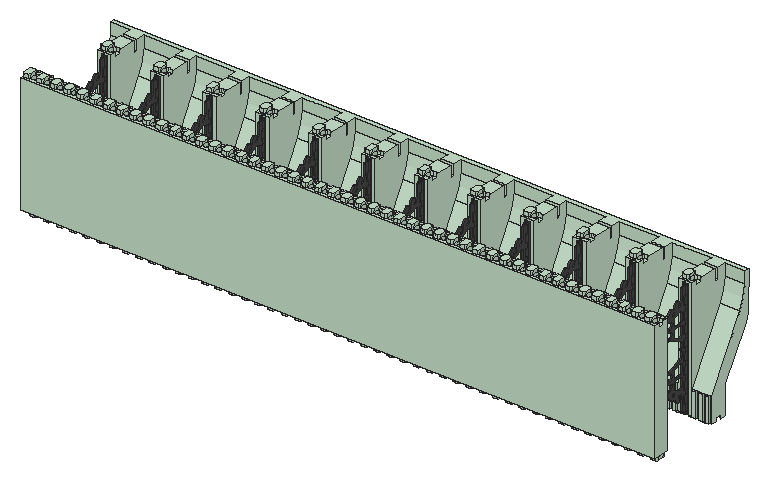
Revit family (continued)
Forms (mm)
  Extrusion 114, void
    sketch origin (2184.4, -0.033, 0) x (1, 0, 0) y (0, 1, 0)
      loop
        arc (25.4, 101.014) -> (26.615, 97.278) -> (29.796, 94.972) r 6.35
        arc (29.796, 94.972) -> (36.091, 93.737) -> (42.5, 94.024) r 26.988
        arc (42.5, 94.024) -> (43.786, 93.668) -> (44.346, 92.457) r 1.587
        line (44.346, 92.457) -> (44.346, 86.829) -> (48.685, 86.829) -> (48.685, 95.62)
        arc (48.685, 95.62) -> (48.795, 96.199) -> (49.108, 96.698) r 1.588
        arc (49.108, 96.698) -> (50.362, 98.696) -> (50.8, 101.014) r 6.35
        line (50.8, 101.014) -> (50.8, 124.411)
        arc (50.8, 124.411) -> (49.585, 128.147) -> (46.404, 130.453) r 6.35
        arc (46.404, 130.453) -> (38.1, 131.763) -> (29.796, 130.453) r 26.987
        arc (29.796, 130.453) -> (26.615, 128.147) -> (25.4, 124.411) r 6.35
    from 0 to 12.7
  Extrusion 115, void
    sketch origin (2133.6, -0.033, 0) x (1, 0, 0) y (0, 1, 0)
      loop
        line (25.4, 124.411) -> (25.4, 101.014)
        arc (25.4, 101.014) -> (26.615, 97.278) -> (29.796, 94.972) r 6.35
        arc (29.796, 94.972) -> (36.091, 93.737) -> (42.5, 94.024) r 26.988
        arc (42.5, 94.024) -> (43.786, 93.668) -> (44.346, 92.457) r 1.587
        line (44.346, 92.457) -> (44.346, 86.829) -> (48.685, 86.829) -> (48.685, 95.62)
        arc (48.685, 95.62) -> (48.795, 96.199) -> (49.108, 96.698) r 1.588
        arc (49.108, 96.698) -> (50.362, 98.696) -> (50.8, 101.014) r 6.35
        line (50.8, 101.014) -> (50.8, 124.411)
        arc (50.8, 124.411) -> (49.585, 128.147) -> (46.404, 130.453) r 6.35
        arc (46.404, 130.453) -> (38.1, 131.763) -> (29.796, 130.453) r 26.987
        arc (29.796, 130.453) -> (26.615, 128.147) -> (25.4, 124.411) r 6.35
    from 0 to 12.7
  Extrusion 116, void
    sketch origin (2082.8, -0.033, 0) x (1, 0, 0) y (0, 1, 0)
      loop
        line (25.4, 124.411) -> (25.4, 101.014)
        arc (25.4, 101.014) -> (26.615, 97.278) -> (29.796, 94.972) r 6.35
        arc (29.796, 94.972) -> (36.091, 93.737) -> (42.5, 94.024) r 26.988
        arc (42.5, 94.024) -> (43.786, 93.668) -> (44.346, 92.457) r 1.587
        line (44.346, 92.457) -> (44.346, 86.829) -> (48.685, 86.829) -> (48.685, 95.62)
        arc (48.685, 95.62) -> (48.795, 96.199) -> (49.108, 96.698) r 1.588
        arc (49.108, 96.698) -> (50.362, 98.696) -> (50.8, 101.014) r 6.35
        line (50.8, 101.014) -> (50.8, 124.411)
        arc (50.8, 124.411) -> (49.585, 128.147) -> (46.404, 130.453) r 6.35
        arc (46.404, 130.453) -> (38.1, 131.763) -> (29.796, 130.453) r 26.987
        arc (29.796, 130.453) -> (26.615, 128.147) -> (25.4, 124.411) r 6.35
    from 0 to 12.7
  Extrusion 117, void
    sketch origin (2032, -0.033, 0) x (1, 0, 0) y (0, 1, 0)
      loop
        line (25.4, 124.411) -> (25.4, 101.014)
        arc (25.4, 101.014) -> (26.615, 97.278) -> (29.796, 94.972) r 6.35
        arc (29.796, 94.972) -> (36.091, 93.737) -> (42.5, 94.024) r 26.988
        arc (42.5, 94.024) -> (43.786, 93.668) -> (44.346, 92.457) r 1.587
        line (44.346, 92.457) -> (44.346, 86.829) -> (48.685, 86.829) -> (48.685, 95.62)
        arc (48.685, 95.62) -> (48.795, 96.199) -> (49.108, 96.698) r 1.588
        arc (49.108, 96.698) -> (50.362, 98.696) -> (50.8, 101.014) r 6.35
        line (50.8, 101.014) -> (50.8, 124.411)
        arc (50.8, 124.411) -> (49.585, 128.147) -> (46.404, 130.453) r 6.35
        arc (46.404, 130.453) -> (38.1, 131.763) -> (29.796, 130.453) r 26.987
        arc (29.796, 130.453) -> (26.615, 128.147) -> (25.4, 124.411) r 6.35
    from 0 to 12.7
  Extrusion 118, void
    sketch origin (1981.2, -0.033, 0) x (1, 0, 0) y (0, 1, 0)
      loop
        line (25.4, 124.411) -> (25.4, 101.014)
        arc (25.4, 101.014) -> (26.615, 97.278) -> (29.796, 94.972) r 6.35
        arc (29.796, 94.972) -> (36.091, 93.737) -> (42.5, 94.024) r 26.988
        arc (42.5, 94.024) -> (43.786, 93.668) -> (44.346, 92.457) r 1.587
        line (44.346, 92.457) -> (44.346, 86.829) -> (48.685, 86.829) -> (48.685, 95.62)
        arc (48.685, 95.62) -> (48.795, 96.199) -> (49.108, 96.698) r 1.588
        arc (49.108, 96.698) -> (50.362, 98.696) -> (50.8, 101.014) r 6.35
        line (50.8, 101.014) -> (50.8, 124.411)
        arc (50.8, 124.411) -> (49.585, 128.147) -> (46.404, 130.453) r 6.35
        arc (46.404, 130.453) -> (38.1, 131.763) -> (29.796, 130.453) r 26.987
        arc (29.796, 130.453) -> (26.615, 128.147) -> (25.4, 124.411) r 6.35
    from 0 to 12.7
  Extrusion 119, void
    sketch origin (1930.4, -0.033, 0) x (1, 0, 0) y (0, 1, 0)
      loop
        line (25.4, 124.411) -> (25.4, 101.014)
        arc (25.4, 101.014) -> (26.615, 97.278) -> (29.796, 94.972) r 6.35
        arc (29.796, 94.972) -> (36.091, 93.737) -> (42.5, 94.024) r 26.988
        arc (42.5, 94.024) -> (43.786, 93.668) -> (44.346, 92.457) r 1.587
        line (44.346, 92.457) -> (44.346, 86.829) -> (48.685, 86.829) -> (48.685, 95.62)
        arc (48.685, 95.62) -> (48.795, 96.199) -> (49.108, 96.698) r 1.588
        arc (49.108, 96.698) -> (50.362, 98.696) -> (50.8, 101.014) r 6.35
        line (50.8, 101.014) -> (50.8, 124.411)
        arc (50.8, 124.411) -> (49.585, 128.147) -> (46.404, 130.453) r 6.35
        arc (46.404, 130.453) -> (38.1, 131.763) -> (29.796, 130.453) r 26.987
        arc (29.796, 130.453) -> (26.615, 128.147) -> (25.4, 124.411) r 6.35
    from 0 to 12.7
  Extrusion 120, void
    sketch origin (1879.6, -0.033, 0) x (1, 0, 0) y (0, 1, 0)
      loop
        line (25.4, 124.411) -> (25.4, 101.014)
        arc (25.4, 101.014) -> (26.615, 97.278) -> (29.796, 94.972) r 6.35
        arc (29.796, 94.972) -> (36.091, 93.737) -> (42.5, 94.024) r 26.988
        arc (42.5, 94.024) -> (43.786, 93.668) -> (44.346, 92.457) r 1.587
        line (44.346, 92.457) -> (44.346, 86.829) -> (48.685, 86.829) -> (48.685, 95.62)
        arc (48.685, 95.62) -> (48.795, 96.199) -> (49.108, 96.698) r 1.588
        arc (49.108, 96.698) -> (50.362, 98.696) -> (50.8, 101.014) r 6.35
        line (50.8, 101.014) -> (50.8, 124.411)
        arc (50.8, 124.411) -> (49.585, 128.147) -> (46.404, 130.453) r 6.35
        arc (46.404, 130.453) -> (38.1, 131.763) -> (29.796, 130.453) r 26.987
        arc (29.796, 130.453) -> (26.615, 128.147) -> (25.4, 124.411) r 6.35
    from 0 to 12.7
  Extrusion 121, void
    sketch origin (1828.8, -0.033, 0) x (1, 0, 0) y (0, 1, 0)
      loop
        line (25.4, 124.411) -> (25.4, 101.014)
        arc (25.4, 101.014) -> (26.615, 97.278) -> (29.796, 94.972) r 6.35
        arc (29.796, 94.972) -> (36.091, 93.737) -> (42.5, 94.024) r 26.988
        arc (42.5, 94.024) -> (43.786, 93.668) -> (44.346, 92.457) r 1.587
        line (44.346, 92.457) -> (44.346, 86.829) -> (48.685, 86.829) -> (48.685, 95.62)
        arc (48.685, 95.62) -> (48.795, 96.199) -> (49.108, 96.698) r 1.588
        arc (49.108, 96.698) -> (50.362, 98.696) -> (50.8, 101.014) r 6.35
        line (50.8, 101.014) -> (50.8, 124.411)
        arc (50.8, 124.411) -> (49.585, 128.147) -> (46.404, 130.453) r 6.35
        arc (46.404, 130.453) -> (38.1, 131.763) -> (29.796, 130.453) r 26.987
        arc (29.796, 130.453) -> (26.615, 128.147) -> (25.4, 124.411) r 6.35
    from 0 to 12.7
  Extrusion 122, void
    sketch origin (1778, -0.033, 0) x (1, 0, 0) y (0, 1, 0)
      loop
        line (25.4, 124.411) -> (25.4, 101.014)
        arc (25.4, 101.014) -> (26.615, 97.278) -> (29.796, 94.972) r 6.35
        arc (29.796, 94.972) -> (36.091, 93.737) -> (42.5, 94.024) r 26.988
        arc (42.5, 94.024) -> (43.786, 93.668) -> (44.346, 92.457) r 1.587
        line (44.346, 92.457) -> (44.346, 86.829) -> (48.685, 86.829) -> (48.685, 95.62)
        arc (48.685, 95.62) -> (48.795, 96.199) -> (49.108, 96.698) r 1.588
        arc (49.108, 96.698) -> (50.362, 98.696) -> (50.8, 101.014) r 6.35
        line (50.8, 101.014) -> (50.8, 124.411)
        arc (50.8, 124.411) -> (49.585, 128.147) -> (46.404, 130.453) r 6.35
        arc (46.404, 130.453) -> (38.1, 131.763) -> (29.796, 130.453) r 26.987
        arc (29.796, 130.453) -> (26.615, 128.147) -> (25.4, 124.411) r 6.35
    from 0 to 12.7
  Extrusion 123, void
    sketch origin (1727.2, -0.033, 0) x (1, 0, 0) y (0, 1, 0)
      loop
        line (25.4, 124.411) -> (25.4, 101.014)
        arc (25.4, 101.014) -> (26.615, 97.278) -> (29.796, 94.972) r 6.35
        arc (29.796, 94.972) -> (36.091, 93.737) -> (42.5, 94.024) r 26.988
        arc (42.5, 94.024) -> (43.786, 93.668) -> (44.346, 92.457) r 1.587
        line (44.346, 92.457) -> (44.346, 86.829) -> (48.685, 86.829) -> (48.685, 95.62)
        arc (48.685, 95.62) -> (48.795, 96.199) -> (49.108, 96.698) r 1.588
        arc (49.108, 96.698) -> (50.362, 98.696) -> (50.8, 101.014) r 6.35
        line (50.8, 101.014) -> (50.8, 124.411)
        arc (50.8, 124.411) -> (49.585, 128.147) -> (46.404, 130.453) r 6.35
        arc (46.404, 130.453) -> (38.1, 131.763) -> (29.796, 130.453) r 26.987
        arc (29.796, 130.453) -> (26.615, 128.147) -> (25.4, 124.411) r 6.35
    from 0 to 12.7
  Extrusion 124, void
    sketch origin (1676.4, -0.033, 0) x (1, 0, 0) y (0, 1, 0)
      loop
        line (25.4, 124.411) -> (25.4, 101.014)
        arc (25.4, 101.014) -> (26.615, 97.278) -> (29.796, 94.972) r 6.35
        arc (29.796, 94.972) -> (36.091, 93.737) -> (42.5, 94.024) r 26.988
        arc (42.5, 94.024) -> (43.786, 93.668) -> (44.346, 92.457) r 1.587
        line (44.346, 92.457) -> (44.346, 86.829) -> (48.685, 86.829) -> (48.685, 95.62)
        arc (48.685, 95.62) -> (48.795, 96.199) -> (49.108, 96.698) r 1.588
        arc (49.108, 96.698) -> (50.362, 98.696) -> (50.8, 101.014) r 6.35
        line (50.8, 101.014) -> (50.8, 124.411)
        arc (50.8, 124.411) -> (49.585, 128.147) -> (46.404, 130.453) r 6.35
        arc (46.404, 130.453) -> (38.1, 131.763) -> (29.796, 130.453) r 26.987
        arc (29.796, 130.453) -> (26.615, 128.147) -> (25.4, 124.411) r 6.35
    from 0 to 12.7
  Extrusion 125, void
    sketch origin (1625.6, -0.033, 0) x (1, 0, 0) y (0, 1, 0)
      loop
        line (25.4, 124.411) -> (25.4, 101.014)
        arc (25.4, 101.014) -> (26.615, 97.278) -> (29.796, 94.972) r 6.35
        arc (29.796, 94.972) -> (36.091, 93.737) -> (42.5, 94.024) r 26.988
        arc (42.5, 94.024) -> (43.786, 93.668) -> (44.346, 92.457) r 1.587
        line (44.346, 92.457) -> (44.346, 86.829) -> (48.685, 86.829) -> (48.685, 95.62)
        arc (48.685, 95.62) -> (48.795, 96.199) -> (49.108, 96.698) r 1.588
        arc (49.108, 96.698) -> (50.362, 98.696) -> (50.8, 101.014) r 6.35
        line (50.8, 101.014) -> (50.8, 124.411)
        arc (50.8, 124.411) -> (49.585, 128.147) -> (46.404, 130.453) r 6.35
        arc (46.404, 130.453) -> (38.1, 131.763) -> (29.796, 130.453) r 26.987
        arc (29.796, 130.453) -> (26.615, 128.147) -> (25.4, 124.411) r 6.35
    from 0 to 12.7
  Extrusion 126, void
    sketch origin (1574.8, -0.033, 0) x (1, 0, 0) y (0, 1, 0)
      loop
        line (25.4, 124.411) -> (25.4, 101.014)
        arc (25.4, 101.014) -> (26.615, 97.278) -> (29.796, 94.972) r 6.35
        arc (29.796, 94.972) -> (36.091, 93.737) -> (42.5, 94.024) r 26.988
        arc (42.5, 94.024) -> (43.786, 93.668) -> (44.346, 92.457) r 1.587
        line (44.346, 92.457) -> (44.346, 86.829) -> (48.685, 86.829) -> (48.685, 95.62)
        arc (48.685, 95.62) -> (48.795, 96.199) -> (49.108, 96.698) r 1.588
        arc (49.108, 96.698) -> (50.362, 98.696) -> (50.8, 101.014) r 6.35
        line (50.8, 101.014) -> (50.8, 124.411)
        arc (50.8, 124.411) -> (49.585, 128.147) -> (46.404, 130.453) r 6.35
        arc (46.404, 130.453) -> (38.1, 131.763) -> (29.796, 130.453) r 26.987
        arc (29.796, 130.453) -> (26.615, 128.147) -> (25.4, 124.411) r 6.35
    from 0 to 12.7
  Extrusion 127, void
    sketch origin (1524, -0.033, 0) x (1, 0, 0) y (0, 1, 0)
      loop
        line (25.4, 124.411) -> (25.4, 101.014)
        arc (25.4, 101.014) -> (26.615, 97.278) -> (29.796, 94.972) r 6.35
        arc (29.796, 94.972) -> (36.091, 93.737) -> (42.5, 94.024) r 26.988
        arc (42.5, 94.024) -> (43.786, 93.668) -> (44.346, 92.457) r 1.587
        line (44.346, 92.457) -> (44.346, 86.829) -> (48.685, 86.829) -> (48.685, 95.62)
        arc (48.685, 95.62) -> (48.795, 96.199) -> (49.108, 96.698) r 1.588
        arc (49.108, 96.698) -> (50.362, 98.696) -> (50.8, 101.014) r 6.35
        line (50.8, 101.014) -> (50.8, 124.411)
        arc (50.8, 124.411) -> (49.585, 128.147) -> (46.404, 130.453) r 6.35
        arc (46.404, 130.453) -> (38.1, 131.763) -> (29.796, 130.453) r 26.987
        arc (29.796, 130.453) -> (26.615, 128.147) -> (25.4, 124.411) r 6.35
    from 0 to 12.7
  Extrusion 128, void
    sketch origin (1473.2, -0.033, 0) x (1, 0, 0) y (0, 1, 0)
      loop
        line (25.4, 124.411) -> (25.4, 101.014)
        arc (25.4, 101.014) -> (26.615, 97.278) -> (29.796, 94.972) r 6.35
        arc (29.796, 94.972) -> (36.091, 93.737) -> (42.5, 94.024) r 26.988
        arc (42.5, 94.024) -> (43.786, 93.668) -> (44.346, 92.457) r 1.587
        line (44.346, 92.457) -> (44.346, 86.829) -> (48.685, 86.829) -> (48.685, 95.62)
        arc (48.685, 95.62) -> (48.795, 96.199) -> (49.108, 96.698) r 1.588
        arc (49.108, 96.698) -> (50.362, 98.696) -> (50.8, 101.014) r 6.35
        line (50.8, 101.014) -> (50.8, 124.411)
        arc (50.8, 124.411) -> (49.585, 128.147) -> (46.404, 130.453) r 6.35
        arc (46.404, 130.453) -> (38.1, 131.763) -> (29.796, 130.453) r 26.987
        arc (29.796, 130.453) -> (26.615, 128.147) -> (25.4, 124.411) r 6.35
    from 0 to 12.7
  Extrusion 129, void
    sketch origin (1422.4, -0.033, 0) x (1, 0, 0) y (0, 1, 0)
      loop
        line (25.4, 124.411) -> (25.4, 101.014)
        arc (25.4, 101.014) -> (26.615, 97.278) -> (29.796, 94.972) r 6.35
        arc (29.796, 94.972) -> (36.091, 93.737) -> (42.5, 94.024) r 26.988
        arc (42.5, 94.024) -> (43.786, 93.668) -> (44.346, 92.457) r 1.587
        line (44.346, 92.457) -> (44.346, 86.829) -> (48.685, 86.829) -> (48.685, 95.62)
        arc (48.685, 95.62) -> (48.795, 96.199) -> (49.108, 96.698) r 1.588
        arc (49.108, 96.698) -> (50.362, 98.696) -> (50.8, 101.014) r 6.35
        line (50.8, 101.014) -> (50.8, 124.411)
        arc (50.8, 124.411) -> (49.585, 128.147) -> (46.404, 130.453) r 6.35
        arc (46.404, 130.453) -> (38.1, 131.763) -> (29.796, 130.453) r 26.987
        arc (29.796, 130.453) -> (26.615, 128.147) -> (25.4, 124.411) r 6.35
    from 0 to 12.7
  Extrusion 130, void
    sketch origin (1371.6, -0.033, 0) x (1, 0, 0) y (0, 1, 0)
      loop
        line (25.4, 124.411) -> (25.4, 101.014)
        arc (25.4, 101.014) -> (26.615, 97.278) -> (29.796, 94.972) r 6.35
        arc (29.796, 94.972) -> (36.091, 93.737) -> (42.5, 94.024) r 26.988
        arc (42.5, 94.024) -> (43.786, 93.668) -> (44.346, 92.457) r 1.587
        line (44.346, 92.457) -> (44.346, 86.829) -> (48.685, 86.829) -> (48.685, 95.62)
        arc (48.685, 95.62) -> (48.795, 96.199) -> (49.108, 96.698) r 1.588
        arc (49.108, 96.698) -> (50.362, 98.696) -> (50.8, 101.014) r 6.35
        line (50.8, 101.014) -> (50.8, 124.411)
        arc (50.8, 124.411) -> (49.585, 128.147) -> (46.404, 130.453) r 6.35
        arc (46.404, 130.453) -> (38.1, 131.763) -> (29.796, 130.453) r 26.987
        arc (29.796, 130.453) -> (26.615, 128.147) -> (25.4, 124.411) r 6.35
    from 0 to 12.7
  Extrusion 131, void
    sketch origin (1320.8, -0.033, 0) x (1, 0, 0) y (0, 1, 0)
      loop
        line (25.4, 124.411) -> (25.4, 101.014)
        arc (25.4, 101.014) -> (26.615, 97.278) -> (29.796, 94.972) r 6.35
        arc (29.796, 94.972) -> (36.091, 93.737) -> (42.5, 94.024) r 26.988
        arc (42.5, 94.024) -> (43.786, 93.668) -> (44.346, 92.457) r 1.587
        line (44.346, 92.457) -> (44.346, 86.829) -> (48.685, 86.829) -> (48.685, 95.62)
        arc (48.685, 95.62) -> (48.795, 96.199) -> (49.108, 96.698) r 1.588
        arc (49.108, 96.698) -> (50.362, 98.696) -> (50.8, 101.014) r 6.35
        line (50.8, 101.014) -> (50.8, 124.411)
        arc (50.8, 124.411) -> (49.585, 128.147) -> (46.404, 130.453) r 6.35
        arc (46.404, 130.453) -> (38.1, 131.763) -> (29.796, 130.453) r 26.987
        arc (29.796, 130.453) -> (26.615, 128.147) -> (25.4, 124.411) r 6.35
    from 0 to 12.7
  Extrusion 132, void
    sketch origin (1270, -0.033, 0) x (1, 0, 0) y (0, 1, 0)
      loop
        line (25.4, 124.411) -> (25.4, 101.014)
        arc (25.4, 101.014) -> (26.615, 97.278) -> (29.796, 94.972) r 6.35
        arc (29.796, 94.972) -> (36.091, 93.737) -> (42.5, 94.024) r 26.988
        arc (42.5, 94.024) -> (43.786, 93.668) -> (44.346, 92.457) r 1.587
        line (44.346, 92.457) -> (44.346, 86.829) -> (48.685, 86.829) -> (48.685, 95.62)
        arc (48.685, 95.62) -> (48.795, 96.199) -> (49.108, 96.698) r 1.588
        arc (49.108, 96.698) -> (50.362, 98.696) -> (50.8, 101.014) r 6.35
        line (50.8, 101.014) -> (50.8, 124.411)
        arc (50.8, 124.411) -> (49.585, 128.147) -> (46.404, 130.453) r 6.35
        arc (46.404, 130.453) -> (38.1, 131.763) -> (29.796, 130.453) r 26.987
        arc (29.796, 130.453) -> (26.615, 128.147) -> (25.4, 124.411) r 6.35
    from 0 to 12.7
  Extrusion 133, void
    sketch origin (1219.2, -0.033, 0) x (1, 0, 0) y (0, 1, 0)
      loop
        line (25.4, 124.411) -> (25.4, 101.014)
        arc (25.4, 101.014) -> (26.615, 97.278) -> (29.796, 94.972) r 6.35
        arc (29.796, 94.972) -> (36.091, 93.737) -> (42.5, 94.024) r 26.988
        arc (42.5, 94.024) -> (43.786, 93.668) -> (44.346, 92.457) r 1.587
        line (44.346, 92.457) -> (44.346, 86.829) -> (48.685, 86.829) -> (48.685, 95.62)
        arc (48.685, 95.62) -> (48.795, 96.199) -> (49.108, 96.698) r 1.588
        arc (49.108, 96.698) -> (50.362, 98.696) -> (50.8, 101.014) r 6.35
        line (50.8, 101.014) -> (50.8, 124.411)
        arc (50.8, 124.411) -> (49.585, 128.147) -> (46.404, 130.453) r 6.35
        arc (46.404, 130.453) -> (38.1, 131.763) -> (29.796, 130.453) r 26.987
        arc (29.796, 130.453) -> (26.615, 128.147) -> (25.4, 124.411) r 6.35
    from 0 to 12.7
  Extrusion 134, void
    sketch origin (1168.4, -0.033, 0) x (1, 0, 0) y (0, 1, 0)
      loop
        line (25.4, 124.411) -> (25.4, 101.014)
        arc (25.4, 101.014) -> (26.615, 97.278) -> (29.796, 94.972) r 6.35
        arc (29.796, 94.972) -> (36.091, 93.737) -> (42.5, 94.024) r 26.988
        arc (42.5, 94.024) -> (43.786, 93.668) -> (44.346, 92.457) r 1.587
        line (44.346, 92.457) -> (44.346, 86.829) -> (48.685, 86.829) -> (48.685, 95.62)
        arc (48.685, 95.62) -> (48.795, 96.199) -> (49.108, 96.698) r 1.588
        arc (49.108, 96.698) -> (50.362, 98.696) -> (50.8, 101.014) r 6.35
        line (50.8, 101.014) -> (50.8, 124.411)
        arc (50.8, 124.411) -> (49.585, 128.147) -> (46.404, 130.453) r 6.35
        arc (46.404, 130.453) -> (38.1, 131.763) -> (29.796, 130.453) r 26.987
        arc (29.796, 130.453) -> (26.615, 128.147) -> (25.4, 124.411) r 6.35
    from 0 to 12.7
  Extrusion 135, void
    sketch origin (1117.6, -0.033, 0) x (1, 0, 0) y (0, 1, 0)
      loop
        line (25.4, 124.411) -> (25.4, 101.014)
        arc (25.4, 101.014) -> (26.615, 97.278) -> (29.796, 94.972) r 6.35
        arc (29.796, 94.972) -> (36.091, 93.737) -> (42.5, 94.024) r 26.988
        arc (42.5, 94.024) -> (43.786, 93.668) -> (44.346, 92.457) r 1.587
        line (44.346, 92.457) -> (44.346, 86.829) -> (48.685, 86.829) -> (48.685, 95.62)
        arc (48.685, 95.62) -> (48.795, 96.199) -> (49.108, 96.698) r 1.588
        arc (49.108, 96.698) -> (50.362, 98.696) -> (50.8, 101.014) r 6.35
        line (50.8, 101.014) -> (50.8, 124.411)
        arc (50.8, 124.411) -> (49.585, 128.147) -> (46.404, 130.453) r 6.35
        arc (46.404, 130.453) -> (38.1, 131.763) -> (29.796, 130.453) r 26.987
        arc (29.796, 130.453) -> (26.615, 128.147) -> (25.4, 124.411) r 6.35
    from 0 to 12.7
  Extrusion 136, void
    sketch origin (1066.8, -0.033, 0) x (1, 0, 0) y (0, 1, 0)
      loop
        line (25.4, 124.411) -> (25.4, 101.014)
        arc (25.4, 101.014) -> (26.615, 97.278) -> (29.796, 94.972) r 6.35
        arc (29.796, 94.972) -> (36.091, 93.737) -> (42.5, 94.024) r 26.988
        arc (42.5, 94.024) -> (43.786, 93.668) -> (44.346, 92.457) r 1.587
        line (44.346, 92.457) -> (44.346, 86.829) -> (48.685, 86.829) -> (48.685, 95.62)
        arc (48.685, 95.62) -> (48.795, 96.199) -> (49.108, 96.698) r 1.588
        arc (49.108, 96.698) -> (50.362, 98.696) -> (50.8, 101.014) r 6.35
        line (50.8, 101.014) -> (50.8, 124.411)
        arc (50.8, 124.411) -> (49.585, 128.147) -> (46.404, 130.453) r 6.35
        arc (46.404, 130.453) -> (38.1, 131.763) -> (29.796, 130.453) r 26.987
        arc (29.796, 130.453) -> (26.615, 128.147) -> (25.4, 124.411) r 6.35
    from 0 to 12.7
  Extrusion 137, void
    sketch origin (1016, -0.033, 0) x (1, 0, 0) y (0, 1, 0)
      loop
        line (25.4, 124.411) -> (25.4, 101.014)
        arc (25.4, 101.014) -> (26.615, 97.278) -> (29.796, 94.972) r 6.35
        arc (29.796, 94.972) -> (36.091, 93.737) -> (42.5, 94.024) r 26.988
        arc (42.5, 94.024) -> (43.786, 93.668) -> (44.346, 92.457) r 1.587
        line (44.346, 92.457) -> (44.346, 86.829) -> (48.685, 86.829) -> (48.685, 95.62)
        arc (48.685, 95.62) -> (48.795, 96.199) -> (49.108, 96.698) r 1.588
        arc (49.108, 96.698) -> (50.362, 98.696) -> (50.8, 101.014) r 6.35
        line (50.8, 101.014) -> (50.8, 124.411)
        arc (50.8, 124.411) -> (49.585, 128.147) -> (46.404, 130.453) r 6.35
        arc (46.404, 130.453) -> (38.1, 131.763) -> (29.796, 130.453) r 26.987
        arc (29.796, 130.453) -> (26.615, 128.147) -> (25.4, 124.411) r 6.35
    from 0 to 12.7
  Extrusion 138, void
    sketch origin (965.2, -0.033, 0) x (1, 0, 0) y (0, 1, 0)
      loop
        line (25.4, 124.411) -> (25.4, 101.014)
        arc (25.4, 101.014) -> (26.615, 97.278) -> (29.796, 94.972) r 6.35
        arc (29.796, 94.972) -> (36.091, 93.737) -> (42.5, 94.024) r 26.988
        arc (42.5, 94.024) -> (43.786, 93.668) -> (44.346, 92.457) r 1.587
        line (44.346, 92.457) -> (44.346, 86.829) -> (48.685, 86.829) -> (48.685, 95.62)
        arc (48.685, 95.62) -> (48.795, 96.199) -> (49.108, 96.698) r 1.588
        arc (49.108, 96.698) -> (50.362, 98.696) -> (50.8, 101.014) r 6.35
        line (50.8, 101.014) -> (50.8, 124.411)
        arc (50.8, 124.411) -> (49.585, 128.147) -> (46.404, 130.453) r 6.35
        arc (46.404, 130.453) -> (38.1, 131.763) -> (29.796, 130.453) r 26.987
        arc (29.796, 130.453) -> (26.615, 128.147) -> (25.4, 124.411) r 6.35
    from 0 to 12.7
  Extrusion 139, void
    sketch origin (914.4, -0.033, 0) x (1, 0, 0) y (0, 1, 0)
      loop
        line (25.4, 124.411) -> (25.4, 101.014)
        arc (25.4, 101.014) -> (26.615, 97.278) -> (29.796, 94.972) r 6.35
        arc (29.796, 94.972) -> (36.091, 93.737) -> (42.5, 94.024) r 26.988
        arc (42.5, 94.024) -> (43.786, 93.668) -> (44.346, 92.457) r 1.587
        line (44.346, 92.457) -> (44.346, 86.829) -> (48.685, 86.829) -> (48.685, 95.62)
        arc (48.685, 95.62) -> (48.795, 96.199) -> (49.108, 96.698) r 1.588
        arc (49.108, 96.698) -> (50.362, 98.696) -> (50.8, 101.014) r 6.35
        line (50.8, 101.014) -> (50.8, 124.411)
        arc (50.8, 124.411) -> (49.585, 128.147) -> (46.404, 130.453) r 6.35
        arc (46.404, 130.453) -> (38.1, 131.763) -> (29.796, 130.453) r 26.987
        arc (29.796, 130.453) -> (26.615, 128.147) -> (25.4, 124.411) r 6.35
    from 0 to 12.7
  Extrusion 140, void
    sketch origin (863.6, -0.033, 0) x (1, 0, 0) y (0, 1, 0)
      loop
        line (25.4, 124.411) -> (25.4, 101.014)
        arc (25.4, 101.014) -> (26.615, 97.278) -> (29.796, 94.972) r 6.35
        arc (29.796, 94.972) -> (36.091, 93.737) -> (42.5, 94.024) r 26.988
        arc (42.5, 94.024) -> (43.786, 93.668) -> (44.346, 92.457) r 1.587
        line (44.346, 92.457) -> (44.346, 86.829) -> (48.685, 86.829) -> (48.685, 95.62)
        arc (48.685, 95.62) -> (48.795, 96.199) -> (49.108, 96.698) r 1.588
        arc (49.108, 96.698) -> (50.362, 98.696) -> (50.8, 101.014) r 6.35
        line (50.8, 101.014) -> (50.8, 124.411)
        arc (50.8, 124.411) -> (49.585, 128.147) -> (46.404, 130.453) r 6.35
        arc (46.404, 130.453) -> (38.1, 131.763) -> (29.796, 130.453) r 26.987
        arc (29.796, 130.453) -> (26.615, 128.147) -> (25.4, 124.411) r 6.35
    from 0 to 12.7
  Extrusion 141, void
    sketch origin (812.8, -0.033, 0) x (1, 0, 0) y (0, 1, 0)
      loop
        line (25.4, 124.411) -> (25.4, 101.014)
        arc (25.4, 101.014) -> (26.615, 97.278) -> (29.796, 94.972) r 6.35
        arc (29.796, 94.972) -> (36.091, 93.737) -> (42.5, 94.024) r 26.988
        arc (42.5, 94.024) -> (43.786, 93.668) -> (44.346, 92.457) r 1.587
        line (44.346, 92.457) -> (44.346, 86.829) -> (48.685, 86.829) -> (48.685, 95.62)
        arc (48.685, 95.62) -> (48.795, 96.199) -> (49.108, 96.698) r 1.588
        arc (49.108, 96.698) -> (50.362, 98.696) -> (50.8, 101.014) r 6.35
        line (50.8, 101.014) -> (50.8, 124.411)
        arc (50.8, 124.411) -> (49.585, 128.147) -> (46.404, 130.453) r 6.35
        arc (46.404, 130.453) -> (38.1, 131.763) -> (29.796, 130.453) r 26.987
        arc (29.796, 130.453) -> (26.615, 128.147) -> (25.4, 124.411) r 6.35
    from 0 to 12.7
  Extrusion 142, void
    sketch origin (762, -0.033, 0) x (1, 0, 0) y (0, 1, 0)
      loop
        line (25.4, 124.411) -> (25.4, 101.014)
        arc (25.4, 101.014) -> (26.615, 97.278) -> (29.796, 94.972) r 6.35
        arc (29.796, 94.972) -> (36.091, 93.737) -> (42.5, 94.024) r 26.988
        arc (42.5, 94.024) -> (43.786, 93.668) -> (44.346, 92.457) r 1.587
        line (44.346, 92.457) -> (44.346, 86.829) -> (48.685, 86.829) -> (48.685, 95.62)
        arc (48.685, 95.62) -> (48.795, 96.199) -> (49.108, 96.698) r 1.588
        arc (49.108, 96.698) -> (50.362, 98.696) -> (50.8, 101.014) r 6.35
        line (50.8, 101.014) -> (50.8, 124.411)
        arc (50.8, 124.411) -> (49.585, 128.147) -> (46.404, 130.453) r 6.35
        arc (46.404, 130.453) -> (38.1, 131.763) -> (29.796, 130.453) r 26.987
        arc (29.796, 130.453) -> (26.615, 128.147) -> (25.4, 124.411) r 6.35
    from 0 to 12.7
  Extrusion 143, void
    sketch origin (711.2, -0.033, 0) x (1, 0, 0) y (0, 1, 0)
      loop
        line (25.4, 124.411) -> (25.4, 101.014)
        arc (25.4, 101.014) -> (26.615, 97.278) -> (29.796, 94.972) r 6.35
        arc (29.796, 94.972) -> (36.091, 93.737) -> (42.5, 94.024) r 26.988
        arc (42.5, 94.024) -> (43.786, 93.668) -> (44.346, 92.457) r 1.587
        line (44.346, 92.457) -> (44.346, 86.829) -> (48.685, 86.829) -> (48.685, 95.62)
        arc (48.685, 95.62) -> (48.795, 96.199) -> (49.108, 96.698) r 1.588
        arc (49.108, 96.698) -> (50.362, 98.696) -> (50.8, 101.014) r 6.35
        line (50.8, 101.014) -> (50.8, 124.411)
        arc (50.8, 124.411) -> (49.585, 128.147) -> (46.404, 130.453) r 6.35
        arc (46.404, 130.453) -> (38.1, 131.763) -> (29.796, 130.453) r 26.987
        arc (29.796, 130.453) -> (26.615, 128.147) -> (25.4, 124.411) r 6.35
    from 0 to 12.7
  Extrusion 144, void
    sketch origin (660.4, -0.033, 0) x (1, 0, 0) y (0, 1, 0)
      loop
        line (25.4, 124.411) -> (25.4, 101.014)
        arc (25.4, 101.014) -> (26.615, 97.278) -> (29.796, 94.972) r 6.35
        arc (29.796, 94.972) -> (36.091, 93.737) -> (42.5, 94.024) r 26.988
        arc (42.5, 94.024) -> (43.786, 93.668) -> (44.346, 92.457) r 1.587
        line (44.346, 92.457) -> (44.346, 86.829) -> (48.685, 86.829) -> (48.685, 95.62)
        arc (48.685, 95.62) -> (48.795, 96.199) -> (49.108, 96.698) r 1.588
        arc (49.108, 96.698) -> (50.362, 98.696) -> (50.8, 101.014) r 6.35
        line (50.8, 101.014) -> (50.8, 124.411)
        arc (50.8, 124.411) -> (49.585, 128.147) -> (46.404, 130.453) r 6.35
        arc (46.404, 130.453) -> (38.1, 131.763) -> (29.796, 130.453) r 26.987
        arc (29.796, 130.453) -> (26.615, 128.147) -> (25.4, 124.411) r 6.35
    from 0 to 12.7
  Extrusion 145, void
    sketch origin (609.6, -0.033, 0) x (1, 0, 0) y (0, 1, 0)
      loop
        line (25.4, 124.411) -> (25.4, 101.014)
        arc (25.4, 101.014) -> (26.615, 97.278) -> (29.796, 94.972) r 6.35
        arc (29.796, 94.972) -> (36.091, 93.737) -> (42.5, 94.024) r 26.988
        arc (42.5, 94.024) -> (43.786, 93.668) -> (44.346, 92.457) r 1.587
        line (44.346, 92.457) -> (44.346, 86.829) -> (48.685, 86.829) -> (48.685, 95.62)
        arc (48.685, 95.62) -> (48.795, 96.199) -> (49.108, 96.698) r 1.588
        arc (49.108, 96.698) -> (50.362, 98.696) -> (50.8, 101.014) r 6.35
        line (50.8, 101.014) -> (50.8, 124.411)
        arc (50.8, 124.411) -> (49.585, 128.147) -> (46.404, 130.453) r 6.35
        arc (46.404, 130.453) -> (38.1, 131.763) -> (29.796, 130.453) r 26.987
        arc (29.796, 130.453) -> (26.615, 128.147) -> (25.4, 124.411) r 6.35
    from 0 to 12.7
  Extrusion 146, void
    sketch origin (558.8, -0.033, 0) x (1, 0, 0) y (0, 1, 0)
      loop
        line (25.4, 124.411) -> (25.4, 101.014)
        arc (25.4, 101.014) -> (26.615, 97.278) -> (29.796, 94.972) r 6.35
        arc (29.796, 94.972) -> (36.091, 93.737) -> (42.5, 94.024) r 26.988
        arc (42.5, 94.024) -> (43.786, 93.668) -> (44.346, 92.457) r 1.587
        line (44.346, 92.457) -> (44.346, 86.829) -> (48.685, 86.829) -> (48.685, 95.62)
        arc (48.685, 95.62) -> (48.795, 96.199) -> (49.108, 96.698) r 1.588
        arc (49.108, 96.698) -> (50.362, 98.696) -> (50.8, 101.014) r 6.35
        line (50.8, 101.014) -> (50.8, 124.411)
        arc (50.8, 124.411) -> (49.585, 128.147) -> (46.404, 130.453) r 6.35
        arc (46.404, 130.453) -> (38.1, 131.763) -> (29.796, 130.453) r 26.987
        arc (29.796, 130.453) -> (26.615, 128.147) -> (25.4, 124.411) r 6.35
    from 0 to 12.7
  Extrusion 147, void
    sketch origin (508, -0.033, 0) x (1, 0, 0) y (0, 1, 0)
      loop
        line (25.4, 124.411) -> (25.4, 101.014)
        arc (25.4, 101.014) -> (26.615, 97.278) -> (29.796, 94.972) r 6.35
        arc (29.796, 94.972) -> (36.091, 93.737) -> (42.5, 94.024) r 26.988
        arc (42.5, 94.024) -> (43.786, 93.668) -> (44.346, 92.457) r 1.587
        line (44.346, 92.457) -> (44.346, 86.829) -> (48.685, 86.829) -> (48.685, 95.62)
        arc (48.685, 95.62) -> (48.795, 96.199) -> (49.108, 96.698) r 1.588
        arc (49.108, 96.698) -> (50.362, 98.696) -> (50.8, 101.014) r 6.35
        line (50.8, 101.014) -> (50.8, 124.411)
        arc (50.8, 124.411) -> (49.585, 128.147) -> (46.404, 130.453) r 6.35
        arc (46.404, 130.453) -> (38.1, 131.763) -> (29.796, 130.453) r 26.987
        arc (29.796, 130.453) -> (26.615, 128.147) -> (25.4, 124.411) r 6.35
    from 0 to 12.7
  Extrusion 148, void
    sketch origin (457.2, -0.033, 0) x (1, 0, 0) y (0, 1, 0)
      loop
        line (25.4, 124.411) -> (25.4, 101.014)
        arc (25.4, 101.014) -> (26.615, 97.278) -> (29.796, 94.972) r 6.35
        arc (29.796, 94.972) -> (36.091, 93.737) -> (42.5, 94.024) r 26.988
        arc (42.5, 94.024) -> (43.786, 93.668) -> (44.346, 92.457) r 1.587
        line (44.346, 92.457) -> (44.346, 86.829) -> (48.685, 86.829) -> (48.685, 95.62)
        arc (48.685, 95.62) -> (48.795, 96.199) -> (49.108, 96.698) r 1.588
        arc (49.108, 96.698) -> (50.362, 98.696) -> (50.8, 101.014) r 6.35
        line (50.8, 101.014) -> (50.8, 124.411)
        arc (50.8, 124.411) -> (49.585, 128.147) -> (46.404, 130.453) r 6.35
        arc (46.404, 130.453) -> (38.1, 131.763) -> (29.796, 130.453) r 26.987
        arc (29.796, 130.453) -> (26.615, 128.147) -> (25.4, 124.411) r 6.35
    from 0 to 12.7
  Extrusion 149, void
    sketch origin (406.4, -0.033, 0) x (1, 0, 0) y (0, 1, 0)
      loop
        line (25.4, 124.411) -> (25.4, 101.014)
        arc (25.4, 101.014) -> (26.615, 97.278) -> (29.796, 94.972) r 6.35
        arc (29.796, 94.972) -> (36.091, 93.737) -> (42.5, 94.024) r 26.988
        arc (42.5, 94.024) -> (43.786, 93.668) -> (44.346, 92.457) r 1.587
        line (44.346, 92.457) -> (44.346, 86.829) -> (48.685, 86.829) -> (48.685, 95.62)
        arc (48.685, 95.62) -> (48.795, 96.199) -> (49.108, 96.698) r 1.588
        arc (49.108, 96.698) -> (50.362, 98.696) -> (50.8, 101.014) r 6.35
        line (50.8, 101.014) -> (50.8, 124.411)
        arc (50.8, 124.411) -> (49.585, 128.147) -> (46.404, 130.453) r 6.35
        arc (46.404, 130.453) -> (38.1, 131.763) -> (29.796, 130.453) r 26.987
        arc (29.796, 130.453) -> (26.615, 128.147) -> (25.4, 124.411) r 6.35
    from 0 to 12.7
  Extrusion 150, void
    sketch origin (355.6, -0.033, 0) x (1, 0, 0) y (0, 1, 0)
      loop
        line (25.4, 124.411) -> (25.4, 101.014)
        arc (25.4, 101.014) -> (26.615, 97.278) -> (29.796, 94.972) r 6.35
        arc (29.796, 94.972) -> (36.091, 93.737) -> (42.5, 94.024) r 26.988
        arc (42.5, 94.024) -> (43.786, 93.668) -> (44.346, 92.457) r 1.587
        line (44.346, 92.457) -> (44.346, 86.829) -> (48.685, 86.829) -> (48.685, 95.62)
        arc (48.685, 95.62) -> (48.795, 96.199) -> (49.108, 96.698) r 1.588
        arc (49.108, 96.698) -> (50.362, 98.696) -> (50.8, 101.014) r 6.35
        line (50.8, 101.014) -> (50.8, 124.411)
        arc (50.8, 124.411) -> (49.585, 128.147) -> (46.404, 130.453) r 6.35
        arc (46.404, 130.453) -> (38.1, 131.763) -> (29.796, 130.453) r 26.987
        arc (29.796, 130.453) -> (26.615, 128.147) -> (25.4, 124.411) r 6.35
    from 0 to 12.7
  Extrusion 151, void
    sketch origin (304.8, -0.033, 0) x (1, 0, 0) y (0, 1, 0)
      loop
        line (25.4, 124.411) -> (25.4, 101.014)
        arc (25.4, 101.014) -> (26.615, 97.278) -> (29.796, 94.972) r 6.35
        arc (29.796, 94.972) -> (36.091, 93.737) -> (42.5, 94.024) r 26.988
        arc (42.5, 94.024) -> (43.786, 93.668) -> (44.346, 92.457) r 1.587
        line (44.346, 92.457) -> (44.346, 86.829) -> (48.685, 86.829) -> (48.685, 95.62)
        arc (48.685, 95.62) -> (48.795, 96.199) -> (49.108, 96.698) r 1.588
        arc (49.108, 96.698) -> (50.362, 98.696) -> (50.8, 101.014) r 6.35
        line (50.8, 101.014) -> (50.8, 124.411)
        arc (50.8, 124.411) -> (49.585, 128.147) -> (46.404, 130.453) r 6.35
        arc (46.404, 130.453) -> (38.1, 131.763) -> (29.796, 130.453) r 26.987
        arc (29.796, 130.453) -> (26.615, 128.147) -> (25.4, 124.411) r 6.35
    from 0 to 12.7
  Extrusion 152, void
    sketch origin (254, -0.033, 0) x (1, 0, 0) y (0, 1, 0)
      loop
        line (25.4, 124.411) -> (25.4, 101.014)
        arc (25.4, 101.014) -> (26.615, 97.278) -> (29.796, 94.972) r 6.35
        arc (29.796, 94.972) -> (36.091, 93.737) -> (42.5, 94.024) r 26.988
        arc (42.5, 94.024) -> (43.786, 93.668) -> (44.346, 92.457) r 1.587
        line (44.346, 92.457) -> (44.346, 86.829) -> (48.685, 86.829) -> (48.685, 95.62)
        arc (48.685, 95.62) -> (48.795, 96.199) -> (49.108, 96.698) r 1.588
        arc (49.108, 96.698) -> (50.362, 98.696) -> (50.8, 101.014) r 6.35
        line (50.8, 101.014) -> (50.8, 124.411)
        arc (50.8, 124.411) -> (49.585, 128.147) -> (46.404, 130.453) r 6.35
        arc (46.404, 130.453) -> (38.1, 131.763) -> (29.796, 130.453) r 26.987
        arc (29.796, 130.453) -> (26.615, 128.147) -> (25.4, 124.411) r 6.35
    from 0 to 12.7
  Extrusion 153, void
    sketch origin (203.2, -0.033, 0) x (1, 0, 0) y (0, 1, 0)
      loop
        line (25.4, 124.411) -> (25.4, 101.014)
        arc (25.4, 101.014) -> (26.615, 97.278) -> (29.796, 94.972) r 6.35
        arc (29.796, 94.972) -> (36.091, 93.737) -> (42.5, 94.024) r 26.988
        arc (42.5, 94.024) -> (43.786, 93.668) -> (44.346, 92.457) r 1.587
        line (44.346, 92.457) -> (44.346, 86.829) -> (48.685, 86.829) -> (48.685, 95.62)
        arc (48.685, 95.62) -> (48.795, 96.199) -> (49.108, 96.698) r 1.588
        arc (49.108, 96.698) -> (50.362, 98.696) -> (50.8, 101.014) r 6.35
        line (50.8, 101.014) -> (50.8, 124.411)
        arc (50.8, 124.411) -> (49.585, 128.147) -> (46.404, 130.453) r 6.35
        arc (46.404, 130.453) -> (38.1, 131.763) -> (29.796, 130.453) r 26.987
        arc (29.796, 130.453) -> (26.615, 128.147) -> (25.4, 124.411) r 6.35
    from 0 to 12.7
  Extrusion 154, void
    sketch origin (152.4, -0.033, 0) x (1, 0, 0) y (0, 1, 0)
      loop
        line (25.4, 124.411) -> (25.4, 101.014)
        arc (25.4, 101.014) -> (26.615, 97.278) -> (29.796, 94.972) r 6.35
        arc (29.796, 94.972) -> (36.091, 93.737) -> (42.5, 94.024) r 26.988
        arc (42.5, 94.024) -> (43.786, 93.668) -> (44.346, 92.457) r 1.587
        line (44.346, 92.457) -> (44.346, 86.829) -> (48.685, 86.829) -> (48.685, 95.62)
        arc (48.685, 95.62) -> (48.795, 96.199) -> (49.108, 96.698) r 1.588
        arc (49.108, 96.698) -> (50.362, 98.696) -> (50.8, 101.014) r 6.35
        line (50.8, 101.014) -> (50.8, 124.411)
        arc (50.8, 124.411) -> (49.585, 128.147) -> (46.404, 130.453) r 6.35
        arc (46.404, 130.453) -> (38.1, 131.763) -> (29.796, 130.453) r 26.987
        arc (29.796, 130.453) -> (26.615, 128.147) -> (25.4, 124.411) r 6.35
    from 0 to 12.7
  Extrusion 155, void
    sketch origin (101.6, -0.033, 0) x (1, 0, 0) y (0, 1, 0)
      loop
        line (25.4, 124.411) -> (25.4, 101.014)
        arc (25.4, 101.014) -> (26.615, 97.278) -> (29.796, 94.972) r 6.35
        arc (29.796, 94.972) -> (36.091, 93.737) -> (42.5, 94.024) r 26.988
        arc (42.5, 94.024) -> (43.786, 93.668) -> (44.346, 92.457) r 1.587
        line (44.346, 92.457) -> (44.346, 86.829) -> (48.685, 86.829) -> (48.685, 95.62)
        arc (48.685, 95.62) -> (48.795, 96.199) -> (49.108, 96.698) r 1.588
        arc (49.108, 96.698) -> (50.362, 98.696) -> (50.8, 101.014) r 6.35
        line (50.8, 101.014) -> (50.8, 124.411)
        arc (50.8, 124.411) -> (49.585, 128.147) -> (46.404, 130.453) r 6.35
        arc (46.404, 130.453) -> (38.1, 131.763) -> (29.796, 130.453) r 26.987
        arc (29.796, 130.453) -> (26.615, 128.147) -> (25.4, 124.411) r 6.35
    from 0 to 12.7
  Extrusion 156, void
    sketch origin (50.8, -0.033, 0) x (1, 0, 0) y (0, 1, 0)
      loop
        line (25.4, 124.411) -> (25.4, 101.014)
        arc (25.4, 101.014) -> (26.615, 97.278) -> (29.796, 94.972) r 6.35
        arc (29.796, 94.972) -> (36.091, 93.737) -> (42.5, 94.024) r 26.988
        arc (42.5, 94.024) -> (43.786, 93.668) -> (44.346, 92.457) r 1.587
        line (44.346, 92.457) -> (44.346, 86.829) -> (48.685, 86.829) -> (48.685, 95.62)
        arc (48.685, 95.62) -> (48.795, 96.199) -> (49.108, 96.698) r 1.588
        arc (49.108, 96.698) -> (50.362, 98.696) -> (50.8, 101.014) r 6.35
        line (50.8, 101.014) -> (50.8, 124.411)
        arc (50.8, 124.411) -> (49.585, 128.147) -> (46.404, 130.453) r 6.35
        arc (46.404, 130.453) -> (38.1, 131.763) -> (29.796, 130.453) r 26.987
        arc (29.796, 130.453) -> (26.615, 128.147) -> (25.4, 124.411) r 6.35
    from 0 to 12.7
  Extrusion 157, void
    sketch origin (0, -0.033, 0) x (1, 0, 0) y (0, 1, 0)
      loop
        line (25.4, 124.411) -> (25.4, 101.014)
        arc (25.4, 101.014) -> (26.615, 97.278) -> (29.796, 94.972) r 6.35
        arc (29.796, 94.972) -> (36.091, 93.737) -> (42.5, 94.024) r 26.988
        arc (42.5, 94.024) -> (43.786, 93.668) -> (44.346, 92.457) r 1.587
        line (44.346, 92.457) -> (44.346, 86.829) -> (48.685, 86.829) -> (48.685, 95.62)
        arc (48.685, 95.62) -> (48.795, 96.199) -> (49.108, 96.698) r 1.588
        arc (49.108, 96.698) -> (50.362, 98.696) -> (50.8, 101.014) r 6.35
        line (50.8, 101.014) -> (50.8, 124.411)
        arc (50.8, 124.411) -> (49.585, 128.147) -> (46.404, 130.453) r 6.35
        arc (46.404, 130.453) -> (38.1, 131.763) -> (29.796, 130.453) r 26.987
        arc (29.796, 130.453) -> (26.615, 128.147) -> (25.4, 124.411) r 6.35
    from 0 to 12.7
  Extrusion 158, solid, material "NUDURA Expanded Polystyrene Foam Insulation"
    sketch origin (0, -0.033, 0) x (0, 1, 0) y (0, 0, 1)
      loop
        line (257.175, 330.2) -> (257.175, 457.2) -> (239.395, 457.2) -> (239.395, 412.75)
        arc (239.395, 412.75) -> (229.98, 370.464) -> (213.995, 330.2) r 273.05
        line (213.995, 330.2) -> (82.55, 92.075) -> (82.55, 0) -> (142.875, 0) -> (142.875, 98.425)
        arc (142.875, 98.425) -> (143.415, 104.58) -> (145.215, 110.49) r 29.756
        line (145.215, 110.49) -> (240.16, 266.7)
        arc (240.16, 266.7) -> (252.848, 297.33) -> (257.175, 330.2) r 127
    from 0 to 2438.4
  Extrusion 159, solid, material "NUDURA Expanded Polystyrene Foam Insulation"
    sketch origin (0, -0.033, 0) x (0, 1, 0) y (0, 0, 1)
      loop
        arc (206.375, 419.1) -> (200.025, 412.75) -> (193.675, 419.1) r 6.35
        line (193.675, 419.1) -> (193.675, 457.2) -> (82.55, 457.2) -> (82.55, 92.075) -> (213.995, 330.2)
        arc (213.995, 330.2) -> (229.98, 370.464) -> (239.395, 412.75) r 273.05
        line (239.395, 412.75) -> (239.395, 457.2) -> (206.375, 457.2) -> (206.375, 419.1)
    from 76.2 to 127
  Extrusion 160, solid, material "NUDURA Expanded Polystyrene Foam Insulation"
    sketch origin (0, -0.033, 0) x (0, 1, 0) y (0, 0, 1)
      loop
        arc (206.375, 419.1) -> (200.025, 412.75) -> (193.675, 419.1) r 6.35
        line (193.675, 419.1) -> (193.675, 457.2) -> (82.55, 457.2) -> (82.55, 92.075) -> (213.995, 330.2)
        arc (213.995, 330.2) -> (229.98, 370.464) -> (239.395, 412.75) r 273.05
        line (239.395, 412.75) -> (239.395, 457.2) -> (206.375, 457.2) -> (206.375, 419.1)
    from 279.4 to 330.2
  Extrusion 161, solid, material "NUDURA Expanded Polystyrene Foam Insulation"
    sketch origin (203.2, -0.033, 0) x (0, 1, 0) y (0, 0, 1)
      loop
        arc (206.375, 419.1) -> (200.025, 412.75) -> (193.675, 419.1) r 6.35
        line (193.675, 419.1) -> (193.675, 457.2) -> (82.55, 457.2) -> (82.55, 92.075) -> (213.995, 330.2)
        arc (213.995, 330.2) -> (229.98, 370.464) -> (239.395, 412.75) r 273.05
        line (239.395, 412.75) -> (239.395, 457.2) -> (206.375, 457.2) -> (206.375, 419.1)
    from 279.4 to 330.2
  Extrusion 162, solid, material "NUDURA Expanded Polystyrene Foam Insulation"
    sketch origin (0, -0.033, 0) x (0, 1, 0) y (0, 0, 1)
      loop
        line (239.395, 457.2) -> (206.375, 457.2) -> (206.375, 419.1)
        arc (206.375, 419.1) -> (200.025, 412.75) -> (193.675, 419.1) r 6.35
        line (193.675, 419.1) -> (193.675, 457.2) -> (82.55, 457.2) -> (82.55, 92.075) -> (213.995, 330.2)
        arc (213.995, 330.2) -> (229.98, 370.464) -> (239.395, 412.75) r 273.05
        line (239.395, 412.75) -> (239.395, 457.2)
    from 685.8 to 736.6
  Extrusion 163, solid, material "NUDURA Expanded Polystyrene Foam Insulation"
    sketch origin (0, -0.033, 0) x (0, 1, 0) y (0, 0, 1)
      loop
        line (239.395, 457.2) -> (206.375, 457.2) -> (206.375, 419.1)
        arc (206.375, 419.1) -> (200.025, 412.75) -> (193.675, 419.1) r 6.35
        line (193.675, 419.1) -> (193.675, 457.2) -> (82.55, 457.2) -> (82.55, 92.075) -> (213.995, 330.2)
        arc (213.995, 330.2) -> (229.98, 370.464) -> (239.395, 412.75) r 273.05
        line (239.395, 412.75) -> (239.395, 457.2)
    from 889 to 939.8
  Extrusion 164, solid, material "NUDURA Expanded Polystyrene Foam Insulation"
    sketch origin (0, -0.033, 0) x (0, 1, 0) y (0, 0, 1)
      loop
        line (239.395, 457.2) -> (206.375, 457.2) -> (206.375, 419.1)
        arc (206.375, 419.1) -> (200.025, 412.75) -> (193.675, 419.1) r 6.35
        line (193.675, 419.1) -> (193.675, 457.2) -> (82.55, 457.2) -> (82.55, 92.075) -> (213.995, 330.2)
        arc (213.995, 330.2) -> (229.98, 370.464) -> (239.395, 412.75) r 273.05
        line (239.395, 412.75) -> (239.395, 457.2)
    from 1092.2 to 1143
  Extrusion 165, solid, material "NUDURA Expanded Polystyrene Foam Insulation"
    sketch origin (0, -0.033, 0) x (0, 1, 0) y (0, 0, 1)
      loop
        line (239.395, 457.2) -> (206.375, 457.2) -> (206.375, 419.1)
        arc (206.375, 419.1) -> (200.025, 412.75) -> (193.675, 419.1) r 6.35
        line (193.675, 419.1) -> (193.675, 457.2) -> (82.55, 457.2) -> (82.55, 92.075) -> (213.995, 330.2)
        arc (213.995, 330.2) -> (229.98, 370.464) -> (239.395, 412.75) r 273.05
        line (239.395, 412.75) -> (239.395, 457.2)
    from 1295.4 to 1346.2
  Extrusion 166, solid, material "NUDURA Expanded Polystyrene Foam Insulation"
    sketch origin (0, -0.033, 0) x (0, 1, 0) y (0, 0, 1)
      loop
        line (239.395, 457.2) -> (206.375, 457.2) -> (206.375, 419.1)
        arc (206.375, 419.1) -> (200.025, 412.75) -> (193.675, 419.1) r 6.35
        line (193.675, 419.1) -> (193.675, 457.2) -> (82.55, 457.2) -> (82.55, 92.075) -> (213.995, 330.2)
        arc (213.995, 330.2) -> (229.98, 370.464) -> (239.395, 412.75) r 273.05
        line (239.395, 412.75) -> (239.395, 457.2)
    from 1498.6 to 1549.4
  Extrusion 167, solid, material "NUDURA Expanded Polystyrene Foam Insulation"
    sketch origin (0, -0.033, 0) x (0, 1, 0) y (0, 0, 1)
      loop
        line (239.395, 457.2) -> (206.375, 457.2) -> (206.375, 419.1)
        arc (206.375, 419.1) -> (200.025, 412.75) -> (193.675, 419.1) r 6.35
        line (193.675, 419.1) -> (193.675, 457.2) -> (82.55, 457.2) -> (82.55, 92.075) -> (213.995, 330.2)
        arc (213.995, 330.2) -> (229.98, 370.464) -> (239.395, 412.75) r 273.05
        line (239.395, 412.75) -> (239.395, 457.2)
    from 1701.8 to 1752.6
  Extrusion 168, solid, material "NUDURA Expanded Polystyrene Foam Insulation"
    sketch origin (0, -0.033, 0) x (0, 1, 0) y (0, 0, 1)
      loop
        line (239.395, 457.2) -> (206.375, 457.2) -> (206.375, 419.1)
        arc (206.375, 419.1) -> (200.025, 412.75) -> (193.675, 419.1) r 6.35
        line (193.675, 419.1) -> (193.675, 457.2) -> (82.55, 457.2) -> (82.55, 92.075) -> (213.995, 330.2)
        arc (213.995, 330.2) -> (229.98, 370.464) -> (239.395, 412.75) r 273.05
        line (239.395, 412.75) -> (239.395, 457.2)
    from 1905 to 1955.8
  Extrusion 169, solid, material "NUDURA Expanded Polystyrene Foam Insulation"
    sketch origin (0, -0.033, 0) x (0, 1, 0) y (0, 0, 1)
      loop
        line (239.395, 457.2) -> (206.375, 457.2) -> (206.375, 419.1)
        arc (206.375, 419.1) -> (200.025, 412.75) -> (193.675, 419.1) r 6.35
        line (193.675, 419.1) -> (193.675, 457.2) -> (82.55, 457.2) -> (82.55, 92.075) -> (213.995, 330.2)
        arc (213.995, 330.2) -> (229.98, 370.464) -> (239.395, 412.75) r 273.05
        line (239.395, 412.75) -> (239.395, 457.2)
    from 2108.2 to 2159
  Extrusion 170, solid, material "NUDURA Expanded Polystyrene Foam Insulation"
    sketch origin (0, -0.033, 0) x (0, 1, 0) y (0, 0, 1)
      loop
        line (239.395, 457.2) -> (206.375, 457.2) -> (206.375, 419.1)
        arc (206.375, 419.1) -> (200.025, 412.75) -> (193.675, 419.1) r 6.35
        line (193.675, 419.1) -> (193.675, 457.2) -> (82.55, 457.2) -> (82.55, 92.075) -> (213.995, 330.2)
        arc (213.995, 330.2) -> (229.98, 370.464) -> (239.395, 412.75) r 273.05
        line (239.395, 412.75) -> (239.395, 457.2)
    from 2311.4 to 2362.2
  Extrusion 171, solid, material "NUDURA Expanded Polystyrene Foam Insulation"
    sketch origin (0, -0.033, 0) x (1, 0, 0) y (0, 1, 0)
      loop
        line (2418.558, 76.2) -> (2432.842, 76.2) -> (2431.258, 82.55) -> (2420.142, 82.55) -> (2418.558, 76.2)
      loop
        line (2393.158, 76.2) -> (2407.442, 76.2) -> (2405.858, 82.55) -> (2394.742, 82.55) -> (2393.158, 76.2)
      loop
        line (2367.758, 76.2) -> (2382.042, 76.2) -> (2380.458, 82.55) -> (2369.342, 82.55) -> (2367.758, 76.2)
      loop
        line (2291.558, 76.2) -> (2305.842, 76.2) -> (2304.258, 82.55) -> (2293.142, 82.55) -> (2291.558, 76.2)
      loop
        line (2266.158, 76.2) -> (2280.442, 76.2) -> (2278.858, 82.55) -> (2267.742, 82.55) -> (2266.158, 76.2)
      loop
        line (2240.758, 76.2) -> (2255.042, 76.2) -> (2253.458, 82.55) -> (2242.342, 82.55) -> (2240.758, 76.2)
      loop
        line (2215.358, 76.2) -> (2229.642, 76.2) -> (2228.058, 82.55) -> (2216.942, 82.55) -> (2215.358, 76.2)
      loop
        line (2189.958, 76.2) -> (2204.242, 76.2) -> (2202.658, 82.55) -> (2191.542, 82.55) -> (2189.958, 76.2)
      loop
        line (2164.558, 76.2) -> (2178.842, 76.2) -> (2177.258, 82.55) -> (2166.142, 82.55) -> (2164.558, 76.2)
      loop
        line (2088.358, 76.2) -> (2102.642, 76.2) -> (2101.058, 82.55) -> (2089.942, 82.55) -> (2088.358, 76.2)
      loop
        line (2062.958, 76.2) -> (2077.242, 76.2) -> (2075.658, 82.55) -> (2064.542, 82.55) -> (2062.958, 76.2)
      loop
        line (2037.558, 76.2) -> (2051.842, 76.2) -> (2050.258, 82.55) -> (2039.142, 82.55) -> (2037.558, 76.2)
      loop
        line (2012.158, 76.2) -> (2026.442, 76.2) -> (2024.858, 82.55) -> (2013.742, 82.55) -> (2012.158, 76.2)
      loop
        line (1986.758, 76.2) -> (2001.042, 76.2) -> (1999.458, 82.55) -> (1988.342, 82.55) -> (1986.758, 76.2)
      loop
        line (1961.358, 76.2) -> (1975.642, 76.2) -> (1974.058, 82.55) -> (1962.942, 82.55) -> (1961.358, 76.2)
      loop
        line (1885.158, 76.2) -> (1899.442, 76.2) -> (1897.858, 82.55) -> (1886.742, 82.55) -> (1885.158, 76.2)
      loop
        line (1859.758, 76.2) -> (1874.042, 76.2) -> (1872.458, 82.55) -> (1861.342, 82.55) -> (1859.758, 76.2)
      loop
        line (1834.358, 76.2) -> (1848.642, 76.2) -> (1847.058, 82.55) -> (1835.942, 82.55) -> (1834.358, 76.2)
      loop
        line (1808.958, 76.2) -> (1823.242, 76.2) -> (1821.658, 82.55) -> (1810.542, 82.55) -> (1808.958, 76.2)
      loop
        line (1783.558, 76.2) -> (1797.842, 76.2) -> (1796.258, 82.55) -> (1785.142, 82.55) -> (1783.558, 76.2)
      loop
        line (1758.158, 76.2) -> (1772.442, 76.2) -> (1770.858, 82.55) -> (1759.742, 82.55) -> (1758.158, 76.2)
      loop
        line (1681.958, 76.2) -> (1696.242, 76.2) -> (1694.658, 82.55) -> (1683.542, 82.55) -> (1681.958, 76.2)
      loop
        line (1656.558, 76.2) -> (1670.842, 76.2) -> (1669.258, 82.55) -> (1658.142, 82.55) -> (1656.558, 76.2)
      loop
        line (1631.158, 76.2) -> (1645.442, 76.2) -> (1643.858, 82.55) -> (1632.742, 82.55) -> (1631.158, 76.2)
      loop
        line (1605.758, 76.2) -> (1620.042, 76.2) -> (1618.458, 82.55) -> (1607.342, 82.55) -> (1605.758, 76.2)
      loop
        line (1580.358, 76.2) -> (1594.642, 76.2) -> (1593.058, 82.55) -> (1581.942, 82.55) -> (1580.358, 76.2)
      loop
        line (1554.958, 76.2) -> (1569.242, 76.2) -> (1567.658, 82.55) -> (1556.542, 82.55) -> (1554.958, 76.2)
      loop
        line (1478.758, 76.2) -> (1493.042, 76.2) -> (1491.458, 82.55) -> (1480.342, 82.55) -> (1478.758, 76.2)
      loop
        line (1453.358, 76.2) -> (1467.642, 76.2) -> (1466.058, 82.55) -> (1454.942, 82.55) -> (1453.358, 76.2)
      loop
        line (1427.958, 76.2) -> (1442.242, 76.2) -> (1440.658, 82.55) -> (1429.542, 82.55) -> (1427.958, 76.2)
      loop
        line (1402.558, 76.2) -> (1416.842, 76.2) -> (1415.258, 82.55) -> (1404.142, 82.55) -> (1402.558, 76.2)
      loop
        line (1377.158, 76.2) -> (1391.442, 76.2) -> (1389.858, 82.55) -> (1378.742, 82.55) -> (1377.158, 76.2)
      loop
        line (1351.758, 76.2) -> (1366.042, 76.2) -> (1364.458, 82.55) -> (1353.342, 82.55) -> (1351.758, 76.2)
      loop
        line (1275.558, 76.2) -> (1289.842, 76.2) -> (1288.258, 82.55) -> (1277.142, 82.55) -> (1275.558, 76.2)
      loop
        line (1250.158, 76.2) -> (1264.442, 76.2) -> (1262.858, 82.55) -> (1251.742, 82.55) -> (1250.158, 76.2)
      loop
        line (1224.758, 76.2) -> (1239.042, 76.2) -> (1237.458, 82.55) -> (1226.342, 82.55) -> (1224.758, 76.2)
      loop
        line (1199.358, 76.2) -> (1213.642, 76.2) -> (1212.058, 82.55) -> (1200.942, 82.55) -> (1199.358, 76.2)
      loop
        line (1173.958, 76.2) -> (1188.242, 76.2) -> (1186.658, 82.55) -> (1175.542, 82.55) -> (1173.958, 76.2)
      loop
        line (1148.558, 76.2) -> (1162.842, 76.2) -> (1161.258, 82.55) -> (1150.142, 82.55) -> (1148.558, 76.2)
      loop
        line (1072.358, 76.2) -> (1086.642, 76.2) -> (1085.058, 82.55) -> (1073.942, 82.55) -> (1072.358, 76.2)
      loop
        line (1046.958, 76.2) -> (1061.242, 76.2) -> (1059.658, 82.55) -> (1048.542, 82.55) -> (1046.958, 76.2)
      loop
        line (1021.558, 76.2) -> (1035.842, 76.2) -> (1034.258, 82.55) -> (1023.142, 82.55) -> (1021.558, 76.2)
      loop
        line (996.158, 76.2) -> (1010.442, 76.2) -> (1008.858, 82.55) -> (997.742, 82.55) -> (996.158, 76.2)
      loop
        line (970.758, 76.2) -> (985.042, 76.2) -> (983.458, 82.55) -> (972.342, 82.55) -> (970.758, 76.2)
      loop
        line (945.358, 76.2) -> (959.642, 76.2) -> (958.058, 82.55) -> (946.942, 82.55) -> (945.358, 76.2)
      loop
        line (869.158, 76.2) -> (883.442, 76.2) -> (881.858, 82.55) -> (870.742, 82.55) -> (869.158, 76.2)
      loop
        line (843.758, 76.2) -> (858.042, 76.2) -> (856.458, 82.55) -> (845.342, 82.55) -> (843.758, 76.2)
      loop
        line (818.358, 76.2) -> (832.642, 76.2) -> (831.058, 82.55) -> (819.942, 82.55) -> (818.358, 76.2)
      loop
        line (792.958, 76.2) -> (807.242, 76.2) -> (805.658, 82.55) -> (794.542, 82.55) -> (792.958, 76.2)
      loop
        line (767.558, 76.2) -> (781.842, 76.2) -> (780.258, 82.55) -> (769.142, 82.55) -> (767.558, 76.2)
      loop
        line (742.158, 76.2) -> (756.442, 76.2) -> (754.858, 82.55) -> (743.742, 82.55) -> (742.158, 76.2)
      loop
        line (665.958, 76.2) -> (680.242, 76.2) -> (678.658, 82.55) -> (667.542, 82.55) -> (665.958, 76.2)
      loop
        line (640.558, 76.2) -> (654.842, 76.2) -> (653.258, 82.55) -> (642.142, 82.55) -> (640.558, 76.2)
      loop
        line (615.158, 76.2) -> (629.442, 76.2) -> (627.858, 82.55) -> (616.742, 82.55) -> (615.158, 76.2)
      loop
        line (589.758, 76.2) -> (604.042, 76.2) -> (602.458, 82.55) -> (591.342, 82.55) -> (589.758, 76.2)
      loop
        line (564.358, 76.2) -> (578.642, 76.2) -> (577.058, 82.55) -> (565.942, 82.55) -> (564.358, 76.2)
      loop
        line (538.958, 76.2) -> (553.242, 76.2) -> (551.658, 82.55) -> (540.542, 82.55) -> (538.958, 76.2)
      loop
        line (462.758, 76.2) -> (477.042, 76.2) -> (475.458, 82.55) -> (464.342, 82.55) -> (462.758, 76.2)
      loop
        line (437.358, 76.2) -> (451.642, 76.2) -> (450.058, 82.55) -> (438.942, 82.55) -> (437.358, 76.2)
      loop
        line (411.958, 76.2) -> (426.242, 76.2) -> (424.658, 82.55) -> (413.542, 82.55) -> (411.958, 76.2)
